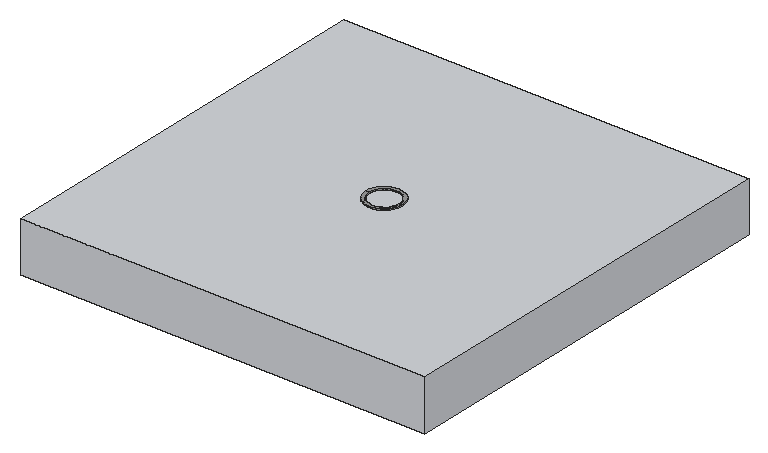
Revit family "LAMP_DOMO 220 G2", category Modelos genéricos, Revit 2015
Parameters (values of type "2054LM 3000")
  Weight = 1.51 kg
  Type = "MID POWER NICHIA"
  Recessed diameter = 153 mm
  Protection rating = "IP20"
  Product datasheet = "http://www.lamp.es/product-files/TECH/DO2RD20SY830NW-EN.pdf"
  Product code = "DO2RD20SY830NW"
  Product URL = "http://www.lamp.es/en/family/domo_33306"
  Power Supply = "120-240V 50-60Hz"
  Power = 21 W
  Plum = 23 W
  Photometric web file = Cuerpo Domo220 : 2054LM 3000
  Modelo = Product code  # "DO2RD20SY830NW"
  Manufacturer name = "LAMP"
  Manufacturer country = "Spain"
  Manufacturer URL = "http://www.lamp.es/en"
  MacAdam = "3"
  Luminaire type = "Indoor - Recessed Downlight"
  Last update = "29/06/2020"
  Lamp = "MID-POWER LED"
  LED Lifetime = "50.000 L90 B10"
  Insulation class = "II"
  Installation instructions = "http://www.lamp.es/product-files/INS/1003660-B-INSTR.%20DOMO%20G2.pdf"
  Initial intensity = 2054 lm
  Initial color = 3000 K
  IEE = "A+"
  Height = 103 mm
  Gear = "Electronic"
  Finish = "Matte white"
  Fabricante = Manufacturer name  # "LAMP"
  Default Elevation = 1219.2 mm
  Efficacy = 89.3 lm/W
  Diameter = 160 mm
  Descripción = "DOMO 220 G2 2000 WW"
  CRI = "80"
Reference planes
  plane 1 "Centro (Frontal/Posterior)": y = 0
  plane 2: z = 0
  plane 3 "Centro (Izquierda/Derecha)": x = 0
Forms (mm)
  Extrusion 1, solid
    sketch origin (0, 0, 0) x (1, 0, 0) y (0, 1, 0)
      loop
        line (-1219.2, 1219.2) -> (-1219.2, -1219.2) -> (1219.2, -1219.2) -> (1219.2, 1219.2) -> (-1219.2, 1219.2)
    from 0 to -304.8
Text (mm)
  text "Any modification of the parameters and properties of the LAMP BIM models must be executed and validated by the LAMP technical department.\n\nPhone: +34 93 736 68 00\n\nE-mail: lamp@lamp.es\n\n\n\nLAMP reserves the right to modify the technical specifications of its products." at (14869.33, 17101.984, -15610.111), in view "Preview"
Dimensions and locks
  aligned and locked: plane 2 to Extrusion 1
  aligned and locked: level to Extrusion 1
Nested families
  nested 1: "Cuerpo Domo220" at (0, 0, 1523) x (1, 0, 0) z (0, 0, -1), type <- "Photometric web file", type "2054LM 3000"
Connectors
  electrical at (0, 0, -107)
    settings: on nested 1, index 1, voltage 230 V, apparent load 0 VA, apparent load phase1 0 VA, apparent load phase2 0 VA, apparent load phase3 0 VA, power factor 1, load classification "Otro", number of poles 1, system type 31, power factor state 1, is connector primary yes, connector utility no, sub classification motor no, connector description ""
Definition of nested family "Cuerpo Domo220"
  Parameters (values of type "2054LM 3000")
    Tilt Angle = 90.00°
    Wattage = 23 W
    built-in parameter 1150110 = 1 (stored number, unit not read)
    Material aro = none
    Material disipador = none
    Material cuerpo = none
    Material COB = none
    built-in parameter 1114217 = 1 (stored number, unit not read)
    built-in parameter 1150109 = 1 (stored number, unit not read)
    Default Elevation = 1219.2 mm
    Dist. luz = 20 mm
    Difusor transparente IP54 = no
    Difusor opal interior IP54 = no
    Difusor opal IP54 = no
    built-in parameter 1150134 = (empty or 0)
    built-in parameter 1150113 = 1 (stored number, unit not read)
    Lumens = 2053.9 lm
    built-in parameter 1150115 = 1 (stored number, unit not read)
    built-in parameter 1150105 = 1561.4 (stored number, unit not read)
    built-in parameter 1150137 = (empty or 0)
    built-in parameter 1150139 = (empty or 0)
    built-in parameter 1150112 = 1 (stored number, unit not read)
    built-in parameter 1150114 = 1 (stored number, unit not read)
    built-in parameter 1150132 = 2
    built-in parameter 1150102 = (empty or 0)
    built-in parameter 1150138 = (empty or 0)
    built-in parameter 1150107 = 3000 (stored number, unit not read)
    built-in parameter 1150106 = 15.614 (stored number, unit not read)
    built-in parameter 1150104 = 8.2962 (stored number, unit not read)
    Dimming Lamp Color Temperature Shift = (empty or 0)
    Color Filter = 16777215
    built-in parameter 1114218 = 1 (stored number, unit not read)
    Photometric Web File = "10041000.IES"
    built-in parameter 1150133 = 10 (stored number, unit not read)
  Types (25, lengths in mm): name | Wattage | Difusor transparente IP54 | Difusor opal interior IP54 | Difusor opal IP54 | built-in parameter 1150134 | Lumens | built-in parameter 1150105 | built-in parameter 1150107 | built-in parameter 1150106 | built-in parameter 1150104 | Photometric Web File
    (no name) | 23 W | no | no | no | (empty or 0) | 2053.9 lm | 1561.4 (stored number, unit not read) | 3000 (stored number, unit not read) | 15.614 (stored number, unit not read) | 8.2962 (stored number, unit not read) | "10041000.IES"
    2054LM 3000 | 23 W | no | no | no | (empty or 0) | 2053.9 lm | 1561.4 (stored number, unit not read) | 3000 (stored number, unit not read) | 15.614 (stored number, unit not read) | 8.2962 (stored number, unit not read) | "10041000.IES"
    2136LM 4000 | 23 W | no | no | no | 12 | 2136.01 lm | 1623.8 (stored number, unit not read) | 4000 (stored number, unit not read) | 16.238 (stored number, unit not read) | 8.6279 (stored number, unit not read) | "10041010.IES"
    2825LM 3000 | 32 W | no | no | no | (empty or 0) | 2825.6 lm | 2148 (stored number, unit not read) | 3000 (stored number, unit not read) | 21.48 (stored number, unit not read) | 8.2033 (stored number, unit not read) | "10041020.IES"
    2938LM 4000 | 32 W | no | no | no | 12 | 2937.6 lm | 2265.1 (stored number, unit not read) | 4000 (stored number, unit not read) | 22.651 (stored number, unit not read) | 8.5285 (stored number, unit not read) | "10041030.IES"
    3665LM 3000 | 40.5 W | no | no | no | (empty or 0) | 3665.25 lm | 2826.2 (stored number, unit not read) | 3000 (stored number, unit not read) | 28.262 (stored number, unit not read) | 8.4077 (stored number, unit not read) | "10041040.IES"
    3812LM 4000 | 40.5 W | no | no | no | 12 | 3811.05 lm | 2926.2 (stored number, unit not read) | 4000 (stored number, unit not read) | 29.262 (stored number, unit not read) | 8.7422 (stored number, unit not read) | "10041050.IES"
    1597LM 3000 OPAL GLASS ACC | 23 W | no | no | yes | (empty or 0) | 1596.2 lm | 958.72 (stored number, unit not read) | 3000 (stored number, unit not read) | 9.5872 (stored number, unit not read) | 6.4475 (stored number, unit not read) | "10041000+8606120.IES"
    1484LM 3000 INT OPAL GLASS ACC | 23 W | no | yes | no | (empty or 0) | 1483.5 lm | 891.03 (stored number, unit not read) | 3000 (stored number, unit not read) | 8.9103 (stored number, unit not read) | 5.9922 (stored number, unit not read) | "10041000+8606130.IES"
    1815LM 3000 GLASS ACC | 23 W | yes | no | no | (empty or 0) | 1814.7 lm | 1156 (stored number, unit not read) | 3000 (stored number, unit not read) | 11.56 (stored number, unit not read) | 7.33 (stored number, unit not read) | "10041000+8606140.IES"
    1661LM 4000 OPAL GLASS ACC | 23 W | no | no | yes | 12 | 1660.6 lm | 1183.3 (stored number, unit not read) | 4000 (stored number, unit not read) | 11.833 (stored number, unit not read) | 6.7076 (stored number, unit not read) | "10041010+8606120.IES"
    1544LM 4000 INT OPAL GLASS ACC | 23 W | no | yes | no | 12 | 1543.3 lm | 927 (stored number, unit not read) | 4000 (stored number, unit not read) | 9.27 (stored number, unit not read) | 6.2338 (stored number, unit not read) | "10041010+8606130.IES"
    1888LM 4000 GLASS ACC | 23 W | yes | no | no | 12 | 1888.3 lm | 1202.9 (stored number, unit not read) | 4000 (stored number, unit not read) | 12.029 (stored number, unit not read) | 7.6273 (stored number, unit not read) | "10041010+8606140.IES"
    2196LM 3000 OPAL GLASS ACC | 33 W | no | no | yes | (empty or 0) | 2194.5 lm | 1563.7 (stored number, unit not read) | 3000 (stored number, unit not read) | 15.637 (stored number, unit not read) | 6.1781 (stored number, unit not read) | "10041020+8606120.IES"
    2042LM 3000 INT OPAL GLASS ACC | 33 W | no | yes | no | (empty or 0) | 2042.37 lm | 1251.5 (stored number, unit not read) | 3000 (stored number, unit not read) | 12.515 (stored number, unit not read) | 5.7498 (stored number, unit not read) | "10041020+8606130.IES"
    2497LM 3000 GLASS ACC | 33 W | yes | no | no | (empty or 0) | 2498.1 lm | 1.9574 (stored number, unit not read) | 3000 (stored number, unit not read) | 0.019574 (stored number, unit not read) | 7.0328 (stored number, unit not read) | "10041020+8606140.IES"
    2284LM 4000 OPAL GLASS ACC | 33 W | no | no | yes | 12 | 2283.6 lm | 1.8291 (stored number, unit not read) | 4000 (stored number, unit not read) | 0.018291 (stored number, unit not read) | 6.4289 (stored number, unit not read) | "10041030+8606120.IES"
    2123LM 4000 INT OPAL GLASS ACC | 33 W | no | yes | no | 12 | 2121.9 lm | 1.6723 (stored number, unit not read) | 4000 (stored number, unit not read) | 0.016723 (stored number, unit not read) | 5.9737 (stored number, unit not read) | "10041030+8606130.IES"
    2597LM 4000 GLASS ACC | 33 W | yes | no | no | 12 | 2597.1 lm | 1.835 (stored number, unit not read) | 4000 (stored number, unit not read) | 0.01835 (stored number, unit not read) | 7.3115 (stored number, unit not read) | "10041030+8606140.IES"
    2849LM 3000 OPAL GLASS ACC | 42 W | no | no | yes | (empty or 0) | 2847.6 lm | 1710.4 (stored number, unit not read) | 3000 (stored number, unit not read) | 17.104 (stored number, unit not read) | 6.2988 (stored number, unit not read) | "10041040+8606120.IES"
    2648LM 3000 INT OPAL GLASS ACC | 42 W | no | yes | no | (empty or 0) | 2650.2 lm | 1688.2 (stored number, unit not read) | 3000 (stored number, unit not read) | 16.882 (stored number, unit not read) | 5.8622 (stored number, unit not read) | "10041040+8606130.IES"
    3239LM 3000 GLASS ACC | 42 W | yes | no | no | (empty or 0) | 3238.2 lm | 2062.8 (stored number, unit not read) | 3000 (stored number, unit not read) | 20.628 (stored number, unit not read) | 7.1628 (stored number, unit not read) | "10041040+8606140.IES"
    2963LM 4000 OPAL GLASS ACC | 42 W | no | no | yes | 12 | 2961 lm | 2109.9 (stored number, unit not read) | 4000 (stored number, unit not read) | 21.099 (stored number, unit not read) | 6.5497 (stored number, unit not read) | "10041050+8606120.IES"
    2754LM 4000 INT OPAL GLASS ACC | 42 W | no | yes | no | 12 | 2755.2 lm | 1654.9 (stored number, unit not read) | 4000 (stored number, unit not read) | 16.549 (stored number, unit not read) | 6.0944 (stored number, unit not read) | "10041050+8606130.IES"
    3369LM 4000 GLASS ACC | 42 W | yes | no | no | 12 | 3368.4 lm | 2145.8 (stored number, unit not read) | 4000 (stored number, unit not read) | 21.458 (stored number, unit not read) | 7.4508 (stored number, unit not read) | "10041050+8606140.IES"
  Reference planes
    plane 1 "Eje de origen de luz (F/P)": y = 0
    plane 2: z = 0
    plane 3 "Eje de origen de luz (I/D)": x = 0
    plane 4 "Elevación de origen de luz": z = 1500
    plane 5: z = 1520
  Forms (mm)
    Revolve 1, solid, material <- "Material aro"
      sketch origin (0, 0, 0) x (1, 0, 0) y (0, 0, 1)
        loop
          line (110, 1520) -> (110, 1523) -> (92.4, 1523) -> (89.4, 1523) -> (89.4, 1520) -> (110, 1520)
        axis (0, 1523) -> (0, 1520)
      angle from 0 to 360
    Revolve 2, solid, material <- "Material aro"
      sketch origin (0, 0, 0) x (1, 0, 0) y (0, 0, 1)
        loop
          line (89.4, 1523) -> (91.4, 1523) -> (65, 1613.8) -> (64, 1613.8) -> (63, 1613.8) -> (89.4, 1523)
        axis (0, 1613.8) -> (0, 1523)
      angle from 0 to 360
    Extrusion 3, solid
      sketch origin (0, 0, 0) x (1, 0, 0) y (0, 1, 0)
        loop
          circle (0, 0) r 63
        loop
          circle (0, 17) r 8.5
        loop
          circle (14.722, -8.5) r 8.5
        loop
          circle (-14.722, -8.5) r 8.5
        loop
          circle (-39, 0) r 8.5
        loop
          circle (-19.5, 33.775) r 8.5
        loop
          circle (39, 0) r 8.5
        loop
          circle (19.5, 33.775) r 8.5
        loop
          circle (-19.5, -33.775) r 8.5
        loop
          circle (19.5, -33.775) r 8.5
      from 1613.8 to 1614.8
    Blend 4, void
      base sketch origin (0, 0, 1500) x (0, -1, 0) y (1, 0, 0)
        loop
          circle (-33.775, -19.5) r 10
      top sketch origin (0, 0, 1500) x (0, -1, 0) y (1, 0, 0)
        loop
          circle (-33.775, -19.5) r 8.5
      from 113.8 to 114.8
    Blend 5, void
      base sketch origin (39, 0, 1500) x (0, -1, 0) y (1, 0, 0)
        loop
          circle (-33.775, -19.5) r 10
      top sketch origin (39, 0, 1500) x (0, -1, 0) y (1, 0, 0)
        loop
          circle (-33.775, -19.5) r 8.5
      from 113.8 to 114.8
    Blend 6, void
      base sketch origin (19.5, -16.775, 1500) x (0, -1, 0) y (1, 0, 0)
        loop
          circle (-33.775, -19.5) r 10
      top sketch origin (19.5, -16.775, 1500) x (0, -1, 0) y (1, 0, 0)
        loop
          circle (-33.775, -19.5) r 8.5
      from 113.8 to 114.8
    Blend 7, void
      base sketch origin (-19.5, -33.775, 1500) x (0, -1, 0) y (1, 0, 0)
        loop
          circle (-33.775, -19.5) r 10
      top sketch origin (-19.5, -33.775, 1500) x (0, -1, 0) y (1, 0, 0)
        loop
          circle (-33.775, -19.5) r 8.5
      from 113.8 to 114.8
    Blend 8, void
      base sketch origin (4.778, -42.275, 1500) x (0, -1, 0) y (1, 0, 0)
        loop
          circle (-33.775, -19.5) r 10
      top sketch origin (4.778, -42.275, 1500) x (0, -1, 0) y (1, 0, 0)
        loop
          circle (-33.775, -19.5) r 8.5
      from 113.8 to 114.8
    Blend 9, void
      base sketch origin (34.222, -42.275, 1500) x (0, -1, 0) y (1, 0, 0)
        loop
          circle (-33.775, -19.5) r 10
      top sketch origin (34.222, -42.275, 1500) x (0, -1, 0) y (1, 0, 0)
        loop
          circle (-33.775, -19.5) r 8.5
      from 113.8 to 114.8
    Blend 10, void
      base sketch origin (58.5, -33.775, 1500) x (0, -1, 0) y (1, 0, 0)
        loop
          circle (-33.775, -19.5) r 10
      top sketch origin (58.5, -33.775, 1500) x (0, -1, 0) y (1, 0, 0)
        loop
          circle (-33.775, -19.5) r 8.5
      from 113.8 to 114.8
    Blend 11, void
      base sketch origin (39, -67.55, 1500) x (0, -1, 0) y (1, 0, 0)
        loop
          circle (-33.775, -19.5) r 10
      top sketch origin (39, -67.55, 1500) x (0, -1, 0) y (1, 0, 0)
        loop
          circle (-33.775, -19.5) r 8.5
      from 113.8 to 114.8
    Blend 12, void
      base sketch origin (0, -67.55, 1500) x (0, -1, 0) y (1, 0, 0)
        loop
          circle (-33.775, -19.5) r 10
      top sketch origin (0, -67.55, 1500) x (0, -1, 0) y (1, 0, 0)
        loop
          circle (-33.775, -19.5) r 8.5
      from 113.8 to 114.8
    Extrusion 13, solid
      sketch origin (0, 0, 1500) x (0, -1, 0) y (1, 0, 0)
        loop
          circle (0, 0) r 63
      from 114.8 to 115.8
    Extrusion 14, solid, material <- "Material COB"
      sketch origin (0, 0, 1500) x (0, -1, 0) y (1, 0, 0)
        loop
          line (-35.275, -21) -> (-32.275, -21) -> (-32.275, -18) -> (-35.275, -18) -> (-35.275, -21)
        loop
          line (-40.425, -21) -> (-37.425, -21) -> (-37.425, -18) -> (-40.425, -18) -> (-40.425, -21)
        loop
          line (-27.125, -21) -> (-27.125, -18) -> (-30.125, -18) -> (-30.125, -21) -> (-27.125, -21)
        loop
          line (-35.275, -15.85) -> (-32.275, -15.85) -> (-32.275, -12.85) -> (-35.275, -12.85) -> (-35.275, -15.85)
        loop
          line (-35.275, -23.15) -> (-35.275, -26.15) -> (-32.275, -26.15) -> (-32.275, -23.15) -> (-35.275, -23.15)
        loop
          line (-35.275, 21) -> (-35.275, 18) -> (-32.275, 18) -> (-32.275, 21) -> (-35.275, 21)
        loop
          line (-40.425, 21) -> (-40.425, 18) -> (-37.425, 18) -> (-37.425, 21) -> (-40.425, 21)
        loop
          line (-27.125, 21) -> (-30.125, 21) -> (-30.125, 18) -> (-27.125, 18) -> (-27.125, 21)
        loop
          line (-35.275, 15.85) -> (-35.275, 12.85) -> (-32.275, 12.85) -> (-32.275, 15.85) -> (-35.275, 15.85)
        loop
          line (-35.275, 23.15) -> (-32.275, 23.15) -> (-32.275, 26.15) -> (-35.275, 26.15) -> (-35.275, 23.15)
        loop
          line (35.275, -21) -> (35.275, -18) -> (32.275, -18) -> (32.275, -21) -> (35.275, -21)
        loop
          line (40.425, -21) -> (40.425, -18) -> (37.425, -18) -> (37.425, -21) -> (40.425, -21)
        loop
          line (27.125, -21) -> (30.125, -21) -> (30.125, -18) -> (27.125, -18) -> (27.125, -21)
        loop
          line (35.275, -15.85) -> (35.275, -12.85) -> (32.275, -12.85) -> (32.275, -15.85) -> (35.275, -15.85)
        loop
          line (35.275, -23.15) -> (32.275, -23.15) -> (32.275, -26.15) -> (35.275, -26.15) -> (35.275, -23.15)
        loop
          line (35.275, 21) -> (32.275, 21) -> (32.275, 18) -> (35.275, 18) -> (35.275, 21)
        loop
          line (40.425, 21) -> (37.425, 21) -> (37.425, 18) -> (40.425, 18) -> (40.425, 21)
        loop
          line (27.125, 21) -> (27.125, 18) -> (30.125, 18) -> (30.125, 21) -> (27.125, 21)
        loop
          line (35.275, 15.85) -> (32.275, 15.85) -> (32.275, 12.85) -> (35.275, 12.85) -> (35.275, 15.85)
        loop
          line (35.275, 23.15) -> (35.275, 26.15) -> (32.275, 26.15) -> (32.275, 23.15) -> (35.275, 23.15)
        loop
          line (-1.5, -40.5) -> (1.5, -40.5) -> (1.5, -37.5) -> (-1.5, -37.5) -> (-1.5, -40.5)
        loop
          line (-6.65, -40.5) -> (-3.65, -40.5) -> (-3.65, -37.5) -> (-6.65, -37.5) -> (-6.65, -40.5)
        loop
          line (6.65, -40.5) -> (6.65, -37.5) -> (3.65, -37.5) -> (3.65, -40.5) -> (6.65, -40.5)
        loop
          line (-1.5, -35.35) -> (1.5, -35.35) -> (1.5, -32.35) -> (-1.5, -32.35) -> (-1.5, -35.35)
        loop
          line (-1.5, -42.65) -> (-1.5, -45.65) -> (1.5, -45.65) -> (1.5, -42.65) -> (-1.5, -42.65)
        loop
          line (-18.5, -1.5) -> (-15.5, -1.5) -> (-15.5, 1.5) -> (-18.5, 1.5) -> (-18.5, -1.5)
        loop
          line (-23.65, -1.5) -> (-20.65, -1.5) -> (-20.65, 1.5) -> (-23.65, 1.5) -> (-23.65, -1.5)
        loop
          line (-10.35, -1.5) -> (-10.35, 1.5) -> (-13.35, 1.5) -> (-13.35, -1.5) -> (-10.35, -1.5)
        loop
          line (-18.5, 3.65) -> (-15.5, 3.65) -> (-15.5, 6.65) -> (-18.5, 6.65) -> (-18.5, 3.65)
        loop
          line (-18.5, -3.65) -> (-18.5, -6.65) -> (-15.5, -6.65) -> (-15.5, -3.65) -> (-18.5, -3.65)
        loop
          line (7, -16.222) -> (10, -16.222) -> (10, -13.222) -> (7, -13.222) -> (7, -16.222)
        loop
          line (1.85, -16.222) -> (4.85, -16.222) -> (4.85, -13.222) -> (1.85, -13.222) -> (1.85, -16.222)
        loop
          line (15.15, -16.222) -> (15.15, -13.222) -> (12.15, -13.222) -> (12.15, -16.222) -> (15.15, -16.222)
        loop
          line (7, -11.072) -> (10, -11.072) -> (10, -8.072) -> (7, -8.072) -> (7, -11.072)
        loop
          line (7, -18.372) -> (7, -21.372) -> (10, -21.372) -> (10, -18.372) -> (7, -18.372)
        loop
          line (7, 13.222) -> (10, 13.222) -> (10, 16.222) -> (7, 16.222) -> (7, 13.222)
        loop
          line (1.85, 13.222) -> (4.85, 13.222) -> (4.85, 16.222) -> (1.85, 16.222) -> (1.85, 13.222)
        loop
          line (15.15, 13.222) -> (15.15, 16.222) -> (12.15, 16.222) -> (12.15, 13.222) -> (15.15, 13.222)
        loop
          line (7, 18.372) -> (10, 18.372) -> (10, 21.372) -> (7, 21.372) -> (7, 18.372)
        loop
          line (7, 11.072) -> (7, 8.072) -> (10, 8.072) -> (10, 11.072) -> (7, 11.072)
        loop
          line (-1.5, 37.5) -> (1.5, 37.5) -> (1.5, 40.5) -> (-1.5, 40.5) -> (-1.5, 37.5)
        loop
          line (-6.65, 37.5) -> (-3.65, 37.5) -> (-3.65, 40.5) -> (-6.65, 40.5) -> (-6.65, 37.5)
        loop
          line (6.65, 37.5) -> (6.65, 40.5) -> (3.65, 40.5) -> (3.65, 37.5) -> (6.65, 37.5)
        loop
          line (-1.5, 42.65) -> (1.5, 42.65) -> (1.5, 45.65) -> (-1.5, 45.65) -> (-1.5, 42.65)
        loop
          line (-1.5, 35.35) -> (-1.5, 32.35) -> (1.5, 32.35) -> (1.5, 35.35) -> (-1.5, 35.35)
      from 113.8 to 114.8
    Extrusion 15, solid, material <- "Material disipador"
      sketch origin (0, 0, 1500) x (0, -1, 0) y (1, 0, 0)
        loop
          circle (0, 0) r 69.1
      from 115.8 to 130
    Extrusion 16, solid, material <- "Material disipador"
      sketch origin (-668.047, -5000, 1520) x (-1, 0, 0) y (0, -1, 0)
        loop
          arc (-649.944, -5009.618) -> (-653.552, -5014.496) -> (-658.429, -5018.104) r 20.5
          line (-658.429, -5018.104) -> (-656.224, -5020.309)
          arc (-656.224, -5020.309) -> (-651.43, -5016.617) -> (-647.739, -5011.824) r 23.5
          line (-647.739, -5011.824) -> (-649.944, -5009.618)
        loop
          line (-662.047, -5022.721) -> (-662.047, -5019.602)
          arc (-662.047, -5019.602) -> (-668.047, -5020.5) -> (-674.047, -5019.602) r 20.5
          line (-674.047, -5019.602) -> (-674.047, -5022.721)
          arc (-674.047, -5022.721) -> (-668.047, -5023.5) -> (-662.047, -5022.721) r 23.5
        loop
          line (-686.151, -5009.618) -> (-688.356, -5011.824)
          arc (-688.356, -5011.824) -> (-684.664, -5016.617) -> (-679.871, -5020.309) r 23.5
          line (-679.871, -5020.309) -> (-677.666, -5018.104)
          arc (-677.666, -5018.104) -> (-682.543, -5014.496) -> (-686.151, -5009.618) r 20.5
        loop
          arc (-631.36, -5018.303) -> (-639.056, -5028.991) -> (-649.744, -5036.688) r 41
          line (-649.744, -5036.688) -> (-645.302, -5041.13)
          arc (-645.302, -5041.13) -> (-634.813, -5033.234) -> (-626.918, -5022.745) r 47
          line (-626.918, -5022.745) -> (-631.36, -5018.303)
        loop
          line (-655.047, -5045.166) -> (-655.047, -5038.884)
          arc (-655.047, -5038.884) -> (-668.047, -5041) -> (-681.047, -5038.884) r 41
          line (-681.047, -5038.884) -> (-681.047, -5045.166)
          arc (-681.047, -5045.166) -> (-668.047, -5047) -> (-655.047, -5045.166) r 47
        loop
          line (-704.735, -5018.303) -> (-709.177, -5022.745)
          arc (-709.177, -5022.745) -> (-701.281, -5033.234) -> (-690.792, -5041.13) r 47
          line (-690.792, -5041.13) -> (-686.351, -5036.688)
          arc (-686.351, -5036.688) -> (-697.039, -5028.991) -> (-704.735, -5018.303) r 41
        loop
          arc (-639.965, -5012.527) -> (-646.304, -5021.744) -> (-655.521, -5028.083) r 30.75
          line (-655.521, -5028.083) -> (-652.145, -5031.459)
          arc (-652.145, -5031.459) -> (-643.122, -5024.926) -> (-636.588, -5015.903) r 35.25
          line (-636.588, -5015.903) -> (-639.965, -5012.527)
        loop
          line (-657.047, -5033.49) -> (-657.047, -5028.715)
          arc (-657.047, -5028.715) -> (-668.047, -5030.75) -> (-679.047, -5028.715) r 30.75
          line (-679.047, -5028.715) -> (-679.047, -5033.49)
          arc (-679.047, -5033.49) -> (-668.047, -5035.25) -> (-657.047, -5033.49) r 35.25
        loop
          line (-696.13, -5012.527) -> (-699.506, -5015.903)
          arc (-699.506, -5015.903) -> (-692.973, -5024.926) -> (-683.95, -5031.459) r 35.25
          line (-683.95, -5031.459) -> (-680.574, -5028.083)
          arc (-680.574, -5028.083) -> (-689.791, -5021.744) -> (-696.13, -5012.527) r 30.75
        loop
          arc (-622.789, -5024.046) -> (-631.808, -5036.239) -> (-644.002, -5045.259) r 51.25
          line (-644.002, -5045.259) -> (-638.488, -5050.772)
          arc (-638.488, -5050.772) -> (-626.505, -5041.543) -> (-617.275, -5029.559) r 58.75
          line (-617.275, -5029.559) -> (-622.789, -5024.046)
        loop
          line (-653.047, -5056.803) -> (-653.047, -5049.006)
          arc (-653.047, -5049.006) -> (-668.047, -5051.25) -> (-683.047, -5049.006) r 51.25
          line (-683.047, -5049.006) -> (-683.047, -5056.803)
          arc (-683.047, -5056.803) -> (-668.047, -5058.75) -> (-653.047, -5056.803) r 58.75
        loop
          line (-713.306, -5024.046) -> (-718.82, -5029.559)
          arc (-718.82, -5029.559) -> (-709.59, -5041.543) -> (-697.607, -5050.772) r 58.75
          line (-697.607, -5050.772) -> (-692.093, -5045.259)
          arc (-692.093, -5045.259) -> (-704.287, -5036.239) -> (-713.306, -5024.046) r 51.25
        loop
          arc (-645.326, -5006) -> (-644.547, -5000) -> (-645.326, -4994) r 23.5
          line (-645.326, -4994) -> (-648.445, -4994)
          arc (-648.445, -4994) -> (-647.547, -5000) -> (-648.445, -5006) r 20.5
          line (-648.445, -5006) -> (-645.326, -5006)
        loop
          arc (-622.881, -5013) -> (-621.047, -5000) -> (-622.881, -4987) r 47
          line (-622.881, -4987) -> (-629.163, -4987)
          arc (-629.163, -4987) -> (-627.047, -5000) -> (-629.163, -5013) r 41
          line (-629.163, -5013) -> (-622.881, -5013)
        loop
          arc (-634.558, -5011) -> (-632.797, -5000) -> (-634.558, -4989) r 35.25
          line (-634.558, -4989) -> (-639.332, -4989)
          arc (-639.332, -4989) -> (-637.297, -5000) -> (-639.332, -5011) r 30.75
          line (-639.332, -5011) -> (-634.558, -5011)
        loop
          arc (-611.245, -5015) -> (-609.297, -5000) -> (-611.245, -4985) r 58.75
          line (-611.245, -4985) -> (-619.042, -4985)
          arc (-619.042, -4985) -> (-616.797, -5000) -> (-619.042, -5015) r 51.25
          line (-619.042, -5015) -> (-611.245, -5015)
        loop
          line (-649.944, -4990.382) -> (-647.739, -4988.176)
          arc (-647.739, -4988.176) -> (-651.43, -4983.383) -> (-656.224, -4979.691) r 23.5
          line (-656.224, -4979.691) -> (-658.429, -4981.896)
          arc (-658.429, -4981.896) -> (-653.552, -4985.504) -> (-649.944, -4990.382) r 20.5
        loop
          arc (-662.047, -4977.279) -> (-668.047, -4976.5) -> (-674.047, -4977.279) r 23.5
          line (-674.047, -4977.279) -> (-674.047, -4980.398)
          arc (-674.047, -4980.398) -> (-668.047, -4979.5) -> (-662.047, -4980.398) r 20.5
          line (-662.047, -4980.398) -> (-662.047, -4977.279)
        loop
          arc (-686.151, -4990.382) -> (-682.543, -4985.504) -> (-677.666, -4981.896) r 20.5
          line (-677.666, -4981.896) -> (-679.871, -4979.691)
          arc (-679.871, -4979.691) -> (-684.664, -4983.383) -> (-688.356, -4988.176) r 23.5
          line (-688.356, -4988.176) -> (-686.151, -4990.382)
        loop
          line (-631.36, -4981.697) -> (-626.918, -4977.255)
          arc (-626.918, -4977.255) -> (-634.813, -4966.766) -> (-645.302, -4958.87) r 47
          line (-645.302, -4958.87) -> (-649.744, -4963.312)
          arc (-649.744, -4963.312) -> (-639.056, -4971.009) -> (-631.36, -4981.697) r 41
        loop
          arc (-655.047, -4954.834) -> (-668.047, -4953) -> (-681.047, -4954.834) r 47
          line (-681.047, -4954.834) -> (-681.047, -4961.116)
          arc (-681.047, -4961.116) -> (-668.047, -4959) -> (-655.047, -4961.116) r 41
          line (-655.047, -4961.116) -> (-655.047, -4954.834)
        loop
          arc (-704.735, -4981.697) -> (-697.039, -4971.009) -> (-686.351, -4963.312) r 41
          line (-686.351, -4963.312) -> (-690.792, -4958.87)
          arc (-690.792, -4958.87) -> (-701.281, -4966.766) -> (-709.177, -4977.255) r 47
          line (-709.177, -4977.255) -> (-704.735, -4981.697)
        loop
          line (-639.965, -4987.473) -> (-636.588, -4984.097)
          arc (-636.588, -4984.097) -> (-643.122, -4975.074) -> (-652.145, -4968.541) r 35.25
          line (-652.145, -4968.541) -> (-655.521, -4971.917)
          arc (-655.521, -4971.917) -> (-646.304, -4978.256) -> (-639.965, -4987.473) r 30.75
        loop
          arc (-657.047, -4966.51) -> (-668.047, -4964.75) -> (-679.047, -4966.51) r 35.25
          line (-679.047, -4966.51) -> (-679.047, -4971.285)
          arc (-679.047, -4971.285) -> (-668.047, -4969.25) -> (-657.047, -4971.285) r 30.75
          line (-657.047, -4971.285) -> (-657.047, -4966.51)
        loop
          arc (-696.13, -4987.473) -> (-689.791, -4978.256) -> (-680.574, -4971.917) r 30.75
          line (-680.574, -4971.917) -> (-683.95, -4968.541)
          arc (-683.95, -4968.541) -> (-692.973, -4975.074) -> (-699.506, -4984.097) r 35.25
          line (-699.506, -4984.097) -> (-696.13, -4987.473)
        loop
          line (-622.789, -4975.954) -> (-617.275, -4970.441)
          arc (-617.275, -4970.441) -> (-626.505, -4958.457) -> (-638.488, -4949.228) r 58.75
          line (-638.488, -4949.228) -> (-644.002, -4954.741)
          arc (-644.002, -4954.741) -> (-631.808, -4963.761) -> (-622.789, -4975.954) r 51.25
        loop
          arc (-653.047, -4943.197) -> (-668.047, -4941.25) -> (-683.047, -4943.197) r 58.75
          line (-683.047, -4943.197) -> (-683.047, -4950.994)
          arc (-683.047, -4950.994) -> (-668.047, -4948.75) -> (-653.047, -4950.994) r 51.25
          line (-653.047, -4950.994) -> (-653.047, -4943.197)
        loop
          arc (-713.306, -4975.954) -> (-704.287, -4963.761) -> (-692.093, -4954.741) r 51.25
          line (-692.093, -4954.741) -> (-697.607, -4949.228)
          arc (-697.607, -4949.228) -> (-709.59, -4958.457) -> (-718.82, -4970.441) r 58.75
          line (-718.82, -4970.441) -> (-713.306, -4975.954)
        loop
          line (-690.769, -5006) -> (-687.65, -5006)
          arc (-687.65, -5006) -> (-688.547, -5000) -> (-687.65, -4994) r 20.5
          line (-687.65, -4994) -> (-690.769, -4994)
          arc (-690.769, -4994) -> (-691.547, -5000) -> (-690.769, -5006) r 23.5
        loop
          line (-713.214, -5013) -> (-706.932, -5013)
          arc (-706.932, -5013) -> (-709.047, -5000) -> (-706.932, -4987) r 41
          line (-706.932, -4987) -> (-713.214, -4987)
          arc (-713.214, -4987) -> (-715.047, -5000) -> (-713.214, -5013) r 47
        loop
          line (-701.537, -5011) -> (-696.763, -5011)
          arc (-696.763, -5011) -> (-698.797, -5000) -> (-696.763, -4989) r 30.75
          line (-696.763, -4989) -> (-701.537, -4989)
          arc (-701.537, -4989) -> (-703.297, -5000) -> (-701.537, -5011) r 35.25
        loop
          line (-724.85, -5015) -> (-717.053, -5015)
          arc (-717.053, -5015) -> (-719.297, -5000) -> (-717.053, -4985) r 51.25
          line (-717.053, -4985) -> (-724.85, -4985)
          arc (-724.85, -4985) -> (-726.797, -5000) -> (-724.85, -5015) r 58.75
      from 110 to 150
    Extrusion 17, solid, material <- "Material disipador"
      sketch origin (0, 0, 1500) x (0, -1, 0) y (1, 0, 0)
        loop
          line (-11.746, 2) -> (-30.685, 2)
          arc (-30.685, 2) -> (-30.75, 0) -> (-30.685, -2) r 30.75
          line (-30.685, -2) -> (-11.746, -2)
          arc (-11.746, -2) -> (-12, 0) -> (-11.746, 2) r 8
        loop
          line (-35.193, 2) -> (-40.951, 2)
          arc (-40.951, 2) -> (-41, 0) -> (-40.951, -2) r 41
          line (-40.951, -2) -> (-35.193, -2)
          arc (-35.193, -2) -> (-35.25, 0) -> (-35.193, 2) r 35.25
        loop
          line (-46.957, 2) -> (-51.211, 2)
          arc (-51.211, 2) -> (-51.25, 0) -> (-51.211, -2) r 51.25
          line (-51.211, -2) -> (-46.957, -2)
          arc (-46.957, -2) -> (-47, 0) -> (-46.957, 2) r 47
        loop
          line (-58.716, 2) -> (-62.968, 2)
          arc (-62.968, 2) -> (-63, 0) -> (-62.968, -2) r 63
          line (-62.968, -2) -> (-58.716, -2)
          arc (-58.716, -2) -> (-58.75, 0) -> (-58.716, 2) r 58.75
        loop
          arc (11.746, 2) -> (12, 0) -> (11.746, -2) r 8
          line (11.746, -2) -> (30.685, -2)
          arc (30.685, -2) -> (30.75, 0) -> (30.685, 2) r 30.75
          line (30.685, 2) -> (11.746, 2)
        loop
          arc (35.193, 2) -> (35.25, 0) -> (35.193, -2) r 35.25
          line (35.193, -2) -> (40.951, -2)
          arc (40.951, -2) -> (41, 0) -> (40.951, 2) r 41
          line (40.951, 2) -> (35.193, 2)
        loop
          arc (46.957, 2) -> (47, 0) -> (46.957, -2) r 47
          line (46.957, -2) -> (51.211, -2)
          arc (51.211, -2) -> (51.25, 0) -> (51.211, 2) r 51.25
          line (51.211, 2) -> (46.957, 2)
        loop
          arc (58.716, 2) -> (58.75, 0) -> (58.716, -2) r 58.75
          line (58.716, -2) -> (62.968, -2)
          arc (62.968, -2) -> (63, 0) -> (62.968, 2) r 63
          line (62.968, 2) -> (58.716, 2)
        loop
          line (-6.891, 9.72) -> (-20.283, 23.112)
          arc (-20.283, 23.112) -> (-21.744, 21.744) -> (-23.112, 20.283) r 30.75
          line (-23.112, 20.283) -> (-9.72, 6.891)
          arc (-9.72, 6.891) -> (-8.485, 8.485) -> (-6.891, 9.72) r 8
        loop
          line (-23.471, 26.3) -> (-27.543, 30.371)
          arc (-27.543, 30.371) -> (-28.991, 28.991) -> (-30.371, 27.543) r 41
          line (-30.371, 27.543) -> (-26.3, 23.471)
          arc (-26.3, 23.471) -> (-24.926, 24.926) -> (-23.471, 26.3) r 35.25
        loop
          line (-31.79, 34.618) -> (-34.797, 37.626)
          arc (-34.797, 37.626) -> (-36.239, 36.239) -> (-37.626, 34.797) r 51.25
          line (-37.626, 34.797) -> (-34.618, 31.79)
          arc (-34.618, 31.79) -> (-33.234, 33.234) -> (-31.79, 34.618) r 47
        loop
          line (-40.104, 42.933) -> (-43.111, 45.939)
          arc (-43.111, 45.939) -> (-44.548, 44.548) -> (-45.939, 43.111) r 63
          line (-45.939, 43.111) -> (-42.933, 40.104)
          arc (-42.933, 40.104) -> (-41.543, 41.543) -> (-40.104, 42.933) r 58.75
        loop
          arc (9.72, -6.891) -> (8.485, -8.485) -> (6.891, -9.72) r 8
          line (6.891, -9.72) -> (20.283, -23.112)
          arc (20.283, -23.112) -> (21.744, -21.744) -> (23.112, -20.283) r 30.75
          line (23.112, -20.283) -> (9.72, -6.891)
        loop
          arc (26.3, -23.471) -> (24.926, -24.926) -> (23.471, -26.3) r 35.25
          line (23.471, -26.3) -> (27.543, -30.371)
          arc (27.543, -30.371) -> (28.991, -28.991) -> (30.371, -27.543) r 41
          line (30.371, -27.543) -> (26.3, -23.471)
        loop
          arc (34.618, -31.79) -> (33.234, -33.234) -> (31.79, -34.618) r 47
          line (31.79, -34.618) -> (34.797, -37.626)
          arc (34.797, -37.626) -> (36.239, -36.239) -> (37.626, -34.797) r 51.25
          line (37.626, -34.797) -> (34.618, -31.79)
        loop
          arc (42.933, -40.104) -> (41.543, -41.543) -> (40.104, -42.933) r 58.75
          line (40.104, -42.933) -> (43.111, -45.939)
          arc (43.111, -45.939) -> (44.548, -44.548) -> (45.939, -43.111) r 63
          line (45.939, -43.111) -> (42.933, -40.104)
        loop
          arc (-6.891, -9.72) -> (-8.485, -8.485) -> (-9.72, -6.891) r 8
          line (-9.72, -6.891) -> (-23.112, -20.283)
          arc (-23.112, -20.283) -> (-21.744, -21.744) -> (-20.283, -23.112) r 30.75
          line (-20.283, -23.112) -> (-6.891, -9.72)
        loop
          arc (-23.471, -26.3) -> (-24.926, -24.926) -> (-26.3, -23.471) r 35.25
          line (-26.3, -23.471) -> (-30.371, -27.543)
          arc (-30.371, -27.543) -> (-28.991, -28.991) -> (-27.543, -30.371) r 41
          line (-27.543, -30.371) -> (-23.471, -26.3)
        loop
          arc (-31.79, -34.618) -> (-33.234, -33.234) -> (-34.618, -31.79) r 47
          line (-34.618, -31.79) -> (-37.626, -34.797)
          arc (-37.626, -34.797) -> (-36.239, -36.239) -> (-34.797, -37.626) r 51.25
          line (-34.797, -37.626) -> (-31.79, -34.618)
        loop
          arc (-40.104, -42.933) -> (-41.543, -41.543) -> (-42.933, -40.104) r 58.75
          line (-42.933, -40.104) -> (-45.939, -43.111)
          arc (-45.939, -43.111) -> (-44.548, -44.548) -> (-43.111, -45.939) r 63
          line (-43.111, -45.939) -> (-40.104, -42.933)
        loop
          line (9.72, 6.891) -> (23.112, 20.283)
          arc (23.112, 20.283) -> (21.744, 21.744) -> (20.283, 23.112) r 30.75
          line (20.283, 23.112) -> (6.891, 9.72)
          arc (6.891, 9.72) -> (8.485, 8.485) -> (9.72, 6.891) r 8
        loop
          line (26.3, 23.471) -> (30.371, 27.543)
          arc (30.371, 27.543) -> (28.991, 28.991) -> (27.543, 30.371) r 41
          line (27.543, 30.371) -> (23.471, 26.3)
          arc (23.471, 26.3) -> (24.926, 24.926) -> (26.3, 23.471) r 35.25
        loop
          line (34.618, 31.79) -> (37.626, 34.797)
          arc (37.626, 34.797) -> (36.239, 36.239) -> (34.797, 37.626) r 51.25
          line (34.797, 37.626) -> (31.79, 34.618)
          arc (31.79, 34.618) -> (33.234, 33.234) -> (34.618, 31.79) r 47
        loop
          line (42.933, 40.104) -> (45.939, 43.111)
          arc (45.939, 43.111) -> (44.548, 44.548) -> (43.111, 45.939) r 63
          line (43.111, 45.939) -> (40.104, 42.933)
          arc (40.104, 42.933) -> (41.543, 41.543) -> (42.933, 40.104) r 58.75
        loop
          line (2, 11.746) -> (2, 30.685)
          arc (2, 30.685) -> (0, 30.75) -> (-2, 30.685) r 30.75
          line (-2, 30.685) -> (-2, 11.746)
          arc (-2, 11.746) -> (0, 12) -> (2, 11.746) r 8
        loop
          line (2, 35.193) -> (2, 40.951)
          arc (2, 40.951) -> (0, 41) -> (-2, 40.951) r 41
          line (-2, 40.951) -> (-2, 35.193)
          arc (-2, 35.193) -> (0, 35.25) -> (2, 35.193) r 35.25
        loop
          line (2, 46.957) -> (2, 51.211)
          arc (2, 51.211) -> (0, 51.25) -> (-2, 51.211) r 51.25
          line (-2, 51.211) -> (-2, 46.957)
          arc (-2, 46.957) -> (0, 47) -> (2, 46.957) r 47
        loop
          line (2, 58.716) -> (2, 62.968)
          arc (2, 62.968) -> (0, 63) -> (-2, 62.968) r 63
          line (-2, 62.968) -> (-2, 58.716)
          arc (-2, 58.716) -> (0, 58.75) -> (2, 58.716) r 58.75
        loop
          arc (2, -11.746) -> (0, -12) -> (-2, -11.746) r 8
          line (-2, -11.746) -> (-2, -30.685)
          arc (-2, -30.685) -> (0, -30.75) -> (2, -30.685) r 30.75
          line (2, -30.685) -> (2, -11.746)
        loop
          arc (2, -35.193) -> (0, -35.25) -> (-2, -35.193) r 35.25
          line (-2, -35.193) -> (-2, -40.951)
          arc (-2, -40.951) -> (0, -41) -> (2, -40.951) r 41
          line (2, -40.951) -> (2, -35.193)
        loop
          arc (2, -46.957) -> (0, -47) -> (-2, -46.957) r 47
          line (-2, -46.957) -> (-2, -51.211)
          arc (-2, -51.211) -> (0, -51.25) -> (2, -51.211) r 51.25
          line (2, -51.211) -> (2, -46.957)
        loop
          arc (2, -58.716) -> (0, -58.75) -> (-2, -58.716) r 58.75
          line (-2, -58.716) -> (-2, -62.968)
          arc (-2, -62.968) -> (0, -63) -> (2, -62.968) r 63
          line (2, -62.968) -> (2, -58.716)
      from 130 to 140
    Revolve 18, solid, material <- "Material cuerpo"
      sketch origin (0, 0, 0) x (1, 0, 0) y (0, 0, 1)
        loop
          line (64.419, 1615.8) -> (91.4, 1523) -> (92.4, 1523) -> (65.419, 1615.8) -> (64.419, 1615.8)
        axis (0, 1615.8) -> (0, 1523)
      angle from 0 to 360
    Extrusion 19, solid, material <- "Material disipador"
      sketch origin (0, 0, 1500) x (0, -1, 0) y (1, 0, 0)
        loop
          line (3.85, -9.732) -> (3.85, -6.881) -> (-2.851, -4.575) -> (3.799, -2.287) -> (3.799, -0.081) -> (-2.891, -0.081) -> (-0.886, 1.924) -> (-2.891, 3.93) -> (3.85, 3.93) -> (3.85, 7.129) -> (-2.943, 7.129) -> (-2.943, 9.545) -> (-0.929, 9.545) -> (-0.929, 7.626)
          arc (-0.929, 7.626) -> (-0.527, 7.224) -> (-0.124, 7.626) r 0.403
          line (-0.124, 7.626) -> (-0.124, 10.351) -> (-3.748, 10.351) -> (-3.748, 6.324) -> (3.055, 6.324) -> (3.055, 4.749) -> (-3.007, 4.749)
          arc (-3.007, 4.749) -> (-3.819, 4.165) -> (-3.523, 3.209) r 0.856
          line (-3.523, 3.209) -> (-2.238, 1.924) -> (-3.523, 0.639)
          arc (-3.523, 0.639) -> (-3.819, -0.316) -> (-3.007, -0.9) r 0.856
          line (-3.007, -0.9) -> (2.592, -0.9)
          arc (2.592, -0.9) -> (3.047, -1.286) -> (2.742, -1.799) r 0.462
          line (2.742, -1.799) -> (-3.233, -3.854)
          arc (-3.233, -3.854) -> (-3.748, -4.575) -> (-3.233, -5.297) r 0.763
          line (-3.233, -5.297) -> (3.055, -7.459) -> (3.055, -8.927) -> (-3.388, -8.927)
          arc (-3.388, -8.927) -> (-3.791, -9.33) -> (-3.388, -9.732) r 0.403
          line (-3.388, -9.732) -> (3.85, -9.732)
      from 130 to 131
  Cuts and joins
    Blend 4, Blend 5, Blend 6, Blend 7, Blend 8, Blend 9, Blend 10, Blend 11, Blend 12 cuts Extrusion 3
  Dimensions and locks
    "Dist. luz": plane 5 to plane 4 "Elevación de origen de luz"
    aligned and locked: plane 3 "Eje de origen de luz (I/D)" to imposter light
    aligned and locked: plane 1 "Eje de origen de luz (F/P)" to imposter light
    aligned and locked: plane 4 "Elevación de origen de luz" to imposter light
    aligned and locked: level to plane 2
  Automatic sketch dimensions
    Revolve 2 sketch curve to plane 3 "Eje de origen de luz (I/D)" = 0 mm
    plane 3 "Eje de origen de luz (I/D)" to Revolve 2 sketch curve = 63 mm
    Revolve 2 sketch curve to Revolve 2 sketch curve = 1 mm  (x2)
    plane 5 to Revolve 2 sketch curve = 3 mm
    plane 3 "Eje de origen de luz (I/D)" to Revolve 2 sketch curve = 89.4 mm
    Revolve 2 sketch curve to Revolve 2 sketch curve = 2 mm
    plane 5 to Revolve 2 sketch curve = 93.8 mm
    Revolve 2 sketch curve to level = 271.696 mm
    Revolve 2 sketch curve to Revolve 2 sketch curve = 88.826 mm
    plane 1 "Eje de origen de luz (F/P)" to Extrusion 3 sketch curve = 0 mm  (x3)
    Extrusion 3 sketch curve to plane 3 "Eje de origen de luz (I/D)" = 0 mm  (x2)
    Extrusion 3 sketch curve to plane 3 "Eje de origen de luz (I/D)" = 14.722 mm
    Extrusion 3 sketch curve to plane 3 "Eje de origen de luz (I/D)" = 19.5 mm  (x2)
    Extrusion 3 sketch curve to Extrusion 3 sketch curve = 24.278 mm  (x2)
    plane 3 "Eje de origen de luz (I/D)" to Extrusion 3 sketch curve = 14.722 mm
    plane 3 "Eje de origen de luz (I/D)" to Extrusion 3 sketch curve = 19.5 mm  (x2)
    plane 1 "Eje de origen de luz (F/P)" to Extrusion 3 sketch curve = 8.5 mm  (x2)
    Extrusion 3 sketch curve to Extrusion 3 sketch curve = 25.275 mm  (x2)
    Extrusion 3 sketch curve to plane 1 "Eje de origen de luz (F/P)" = 17 mm
    Extrusion 3 sketch curve to Extrusion 3 sketch curve = 16.775 mm  (x2)
    Blend 4 sketch curve to plane 1 "Eje de origen de luz (F/P)" = 33.775 mm  (x2)
    Blend 4 sketch curve to plane 3 "Eje de origen de luz (I/D)" = 19.5 mm  (x2)
    Blend 5 sketch curve to plane 1 "Eje de origen de luz (F/P)" = 33.775 mm  (x2)
    plane 3 "Eje de origen de luz (I/D)" to Blend 5 sketch curve = 19.5 mm  (x2)
    Blend 6 sketch curve to plane 3 "Eje de origen de luz (I/D)" = 0 mm  (x2)
    Blend 6 sketch curve to plane 1 "Eje de origen de luz (F/P)" = 17 mm  (x2)
    plane 1 "Eje de origen de luz (F/P)" to Blend 7 sketch curve = 0 mm  (x2)
    Blend 7 sketch curve to plane 3 "Eje de origen de luz (I/D)" = 39 mm  (x2)
    plane 1 "Eje de origen de luz (F/P)" to Blend 8 sketch curve = 8.5 mm  (x2)
    Blend 8 sketch curve to plane 3 "Eje de origen de luz (I/D)" = 14.722 mm  (x2)
    plane 1 "Eje de origen de luz (F/P)" to Blend 9 sketch curve = 8.5 mm  (x2)
    plane 3 "Eje de origen de luz (I/D)" to Blend 9 sketch curve = 14.722 mm  (x2)
    plane 1 "Eje de origen de luz (F/P)" to Blend 10 sketch curve = 0 mm  (x2)
    plane 3 "Eje de origen de luz (I/D)" to Blend 10 sketch curve = 39 mm  (x2)
    plane 1 "Eje de origen de luz (F/P)" to Blend 11 sketch curve = 33.775 mm  (x2)
    plane 3 "Eje de origen de luz (I/D)" to Blend 11 sketch curve = 19.5 mm  (x2)
    plane 1 "Eje de origen de luz (F/P)" to Blend 12 sketch curve = 33.775 mm  (x2)
    Blend 12 sketch curve to plane 3 "Eje de origen de luz (I/D)" = 19.5 mm  (x2)
    plane 1 "Eje de origen de luz (F/P)" to Extrusion 13 sketch curve = 0 mm
    Extrusion 13 sketch curve to plane 3 "Eje de origen de luz (I/D)" = 0 mm
    Extrusion 14 sketch curve to plane 1 "Eje de origen de luz (F/P)" = 40.425 mm
    Extrusion 14 sketch curve to Extrusion 14 sketch curve = 0 mm  (x31)
    Extrusion 14 sketch curve to Extrusion 14 sketch curve = 3 mm  (x66)
    Extrusion 14 sketch curve to Extrusion 14 sketch curve = 2.15 mm  (x49)
    Extrusion 14 sketch curve to plane 3 "Eje de origen de luz (I/D)" = 1.5 mm  (x3)
    Extrusion 14 sketch curve to Extrusion 14 sketch curve = 8.625 mm
    Extrusion 14 sketch curve to plane 1 "Eje de origen de luz (F/P)" = 6.65 mm  (x2)
    Extrusion 14 sketch curve to plane 1 "Eje de origen de luz (F/P)" = 1.5 mm  (x6)
    plane 1 "Eje de origen de luz (F/P)" to Extrusion 14 sketch curve = 1.5 mm  (x6)
    plane 1 "Eje de origen de luz (F/P)" to Extrusion 14 sketch curve = 1.85 mm  (x2)
    Extrusion 14 sketch curve to Extrusion 14 sketch curve = 11.975 mm  (x2)
    Extrusion 14 sketch curve to plane 3 "Eje de origen de luz (I/D)" = 8.072 mm
    Extrusion 14 sketch curve to plane 3 "Eje de origen de luz (I/D)" = 12.85 mm  (x2)
    Extrusion 14 sketch curve to Extrusion 14 sketch curve = 10.978 mm  (x2)
    plane 3 "Eje de origen de luz (I/D)" to Extrusion 14 sketch curve = 1.5 mm  (x3)
    plane 3 "Eje de origen de luz (I/D)" to Extrusion 14 sketch curve = 8.072 mm
    plane 3 "Eje de origen de luz (I/D)" to Extrusion 14 sketch curve = 12.85 mm  (x2)
    plane 1 "Eje de origen de luz (F/P)" to Extrusion 15 sketch curve = 0 mm
    Extrusion 15 sketch curve to plane 3 "Eje de origen de luz (I/D)" = 0 mm
    Extrusion 16 sketch curve to Extrusion 16 sketch curve = 0 mm  (x126)
    plane 1 "Eje de origen de luz (F/P)" to Extrusion 16 sketch curve = 0 mm
    Extrusion 16 sketch curve to plane 3 "Eje de origen de luz (I/D)" = 0 mm
    plane 3 "Eje de origen de luz (I/D)" to Extrusion 16 sketch curve = 6 mm  (x2)
    Extrusion 16 sketch curve to Extrusion 16 sketch curve = 3.618 mm  (x8)
    plane 3 "Eje de origen de luz (I/D)" to Extrusion 16 sketch curve = 11 mm
    Extrusion 16 sketch curve to Extrusion 16 sketch curve = 5 mm
    Extrusion 16 sketch curve to Extrusion 16 sketch curve = 2.205 mm  (x12)
    Extrusion 16 sketch curve to Extrusion 16 sketch curve = 1.527 mm  (x5)
    Extrusion 16 sketch curve to Extrusion 16 sketch curve = 2 mm  (x9)
    Extrusion 16 sketch curve to Extrusion 16 sketch curve = 3.376 mm  (x12)
    Extrusion 16 sketch curve to Extrusion 16 sketch curve = 8.485 mm  (x4)
    Extrusion 16 sketch curve to Extrusion 16 sketch curve = 5.303 mm  (x5)
    Extrusion 16 sketch curve to Extrusion 16 sketch curve = 1.499 mm  (x5)
    Extrusion 16 sketch curve to Extrusion 16 sketch curve = 3.119 mm  (x4)
    Extrusion 16 sketch curve to Extrusion 16 sketch curve = 4.442 mm  (x12)
    Extrusion 16 sketch curve to Extrusion 16 sketch curve = 1.301 mm  (x6)
    Extrusion 16 sketch curve to plane 1 "Eje de origen de luz (F/P)" = 12.527 mm  (x2)
    Extrusion 16 sketch curve to Extrusion 16 sketch curve = 7.774 mm  (x4)
    plane 1 "Eje de origen de luz (F/P)" to Extrusion 16 sketch curve = 12.527 mm  (x2)
    Extrusion 16 sketch curve to Extrusion 16 sketch curve = 0.632 mm  (x6)
    Extrusion 16 sketch curve to Extrusion 16 sketch curve = 5.513 mm  (x12)
    Extrusion 16 sketch curve to Extrusion 16 sketch curve = 4.775 mm  (x3)
    plane 1 "Eje de origen de luz (F/P)" to Extrusion 16 sketch curve = 18.303 mm  (x2)
    Extrusion 16 sketch curve to Extrusion 16 sketch curve = 5.229 mm  (x4)
    Extrusion 16 sketch curve to plane 1 "Eje de origen de luz (F/P)" = 18.303 mm  (x2)
    Extrusion 16 sketch curve to Extrusion 16 sketch curve = 2.197 mm  (x6)
    Extrusion 16 sketch curve to Extrusion 16 sketch curve = 6.282 mm  (x4)
    Extrusion 16 sketch curve to Extrusion 16 sketch curve = 4.129 mm  (x6)
    Extrusion 16 sketch curve to Extrusion 16 sketch curve = 3.839 mm  (x6)
    Extrusion 16 sketch curve to Extrusion 16 sketch curve = 7.797 mm  (x4)
    Extrusion 16 sketch curve to plane 3 "Eje de origen de luz (I/D)" = 6 mm  (x2)
    Extrusion 16 sketch curve to plane 3 "Eje de origen de luz (I/D)" = 11 mm  (x2)
    Extrusion 16 sketch curve to Extrusion 16 sketch curve = 5.407 mm
    Extrusion 16 sketch curve to Extrusion 16 sketch curve = 5.994 mm
    Extrusion 16 sketch curve to Extrusion 16 sketch curve = 2.412 mm  (x2)
    Extrusion 16 sketch curve to Extrusion 16 sketch curve = 9.046 mm  (x2)
    Extrusion 16 sketch curve to Extrusion 16 sketch curve = 4.903 mm
    Revolve 1 sketch curve to plane 3 "Eje de origen de luz (I/D)" = 0 mm
    Revolve 1 sketch curve to plane 5 = 0 mm
    plane 3 "Eje de origen de luz (I/D)" to Revolve 1 sketch curve = 89.4 mm
    plane 5 to Revolve 1 sketch curve = 3 mm
    Revolve 1 sketch curve to Revolve 1 sketch curve = 20.6 mm
    Revolve 1 sketch curve to Revolve 1 sketch curve = 3 mm
    Revolve 1 sketch curve to level = 271.696 mm
    plane 5 to Revolve 1 sketch curve = 182.626 mm
    Revolve 18 sketch curve to plane 3 "Eje de origen de luz (I/D)" = 0 mm
    plane 3 "Eje de origen de luz (I/D)" to Revolve 18 sketch curve = 64.419 mm
    Revolve 18 sketch curve to Revolve 18 sketch curve = 1 mm  (x2)
    plane 5 to Revolve 18 sketch curve = 3 mm
    plane 3 "Eje de origen de luz (I/D)" to Revolve 18 sketch curve = 91.4 mm
    plane 5 to Revolve 18 sketch curve = 95.8 mm
    Revolve 18 sketch curve to level = 271.696 mm
    Revolve 18 sketch curve to Revolve 18 sketch curve = 86.826 mm
    Extrusion 17 sketch curve to Extrusion 17 sketch curve = 0 mm  (x118)
    Extrusion 17 sketch curve to Extrusion 17 sketch curve = 1.172 mm  (x4)
    Extrusion 17 sketch curve to Extrusion 17 sketch curve = 2.828 mm  (x36)
    plane 1 "Eje de origen de luz (F/P)" to Extrusion 17 sketch curve = 0 mm
    Extrusion 17 sketch curve to plane 3 "Eje de origen de luz (I/D)" = 0 mm
    Extrusion 17 sketch curve to plane 1 "Eje de origen de luz (F/P)" = 2 mm  (x8)
    Extrusion 17 sketch curve to Extrusion 17 sketch curve = 4.891 mm  (x8)
    Extrusion 17 sketch curve to Extrusion 17 sketch curve = 2.026 mm  (x6)
    plane 3 "Eje de origen de luz (I/D)" to Extrusion 17 sketch curve = 2 mm  (x8)
    Extrusion 17 sketch curve to Extrusion 17 sketch curve = 18.283 mm  (x8)
    Extrusion 17 sketch curve to Extrusion 17 sketch curve = 3.188 mm  (x8)
    Extrusion 17 sketch curve to Extrusion 17 sketch curve = 4.072 mm  (x8)
    Extrusion 17 sketch curve to Extrusion 17 sketch curve = 7.573 mm  (x4)
    Extrusion 17 sketch curve to Extrusion 17 sketch curve = 4.247 mm  (x8)
    Extrusion 17 sketch curve to Extrusion 17 sketch curve = 3.008 mm  (x8)
    Extrusion 17 sketch curve to Extrusion 17 sketch curve = 4.508 mm  (x4)
    Extrusion 17 sketch curve to plane 3 "Eje de origen de luz (I/D)" = 2 mm  (x6)
    Extrusion 17 sketch curve to Extrusion 17 sketch curve = 5.307 mm  (x8)
    Extrusion 17 sketch curve to Extrusion 17 sketch curve = 5.758 mm  (x4)
    Extrusion 17 sketch curve to Extrusion 17 sketch curve = 3.007 mm  (x8)
    Extrusion 17 sketch curve to Extrusion 17 sketch curve = 6.006 mm  (x4)
    Extrusion 17 sketch curve to Extrusion 17 sketch curve = 4.254 mm  (x4)
    Extrusion 17 sketch curve to Extrusion 17 sketch curve = 7.505 mm  (x4)
    Extrusion 17 sketch curve to Extrusion 17 sketch curve = 4.252 mm  (x4)
    plane 1 "Eje de origen de luz (F/P)" to Extrusion 17 sketch curve = 2 mm  (x8)
    Extrusion 19 sketch curve to plane 1 "Eje de origen de luz (F/P)" = 3.748 mm
    plane 3 "Eje de origen de luz (I/D)" to Extrusion 19 sketch curve = 0.639 mm
    Extrusion 19 sketch curve to plane 1 "Eje de origen de luz (F/P)" = 3.523 mm
    Extrusion 19 sketch curve to Extrusion 19 sketch curve = 0 mm  (x4)
    Extrusion 19 sketch curve to plane 1 "Eje de origen de luz (F/P)" = 3.388 mm
    Extrusion 19 sketch curve to plane 1 "Eje de origen de luz (F/P)" = 3.233 mm
    Extrusion 19 sketch curve to plane 3 "Eje de origen de luz (I/D)" = 0.044 mm
    Extrusion 19 sketch curve to Extrusion 19 sketch curve = 0.516 mm  (x2)
    Extrusion 19 sketch curve to Extrusion 19 sketch curve = 0.248 mm
    Extrusion 19 sketch curve to Extrusion 19 sketch curve = 0.805 mm  (x3)
    Extrusion 19 sketch curve to Extrusion 19 sketch curve = 0.115 mm  (x2)
    Extrusion 19 sketch curve to plane 3 "Eje de origen de luz (I/D)" = 0.081 mm
    Extrusion 19 sketch curve to Extrusion 19 sketch curve = 0.135 mm
    Extrusion 19 sketch curve to Extrusion 19 sketch curve = 1.285 mm  (x2)
    Extrusion 19 sketch curve to plane 1 "Eje de origen de luz (F/P)" = 0.929 mm
    Extrusion 19 sketch curve to plane 1 "Eje de origen de luz (F/P)" = 0.886 mm
    Extrusion 19 sketch curve to Extrusion 19 sketch curve = 0.403 mm  (x2)
    plane 1 "Eje de origen de luz (F/P)" to Extrusion 19 sketch curve = 2.592 mm
    Extrusion 19 sketch curve to plane 3 "Eje de origen de luz (I/D)" = 1.799 mm
    Extrusion 19 sketch curve to Extrusion 19 sketch curve = 0.15 mm
    plane 1 "Eje de origen de luz (F/P)" to Extrusion 19 sketch curve = 3.055 mm  (x2)
    Extrusion 19 sketch curve to Extrusion 19 sketch curve = 1.057 mm
    Extrusion 19 sketch curve to Extrusion 19 sketch curve = 0.795 mm  (x2)
    Extrusion 19 sketch curve to Extrusion 19 sketch curve = 0.488 mm
    Extrusion 19 sketch curve to Extrusion 19 sketch curve = 2.954 mm
    Extrusion 19 sketch curve to Extrusion 19 sketch curve = 0.721 mm
    Extrusion 19 sketch curve to Extrusion 19 sketch curve = 4.593 mm
    Extrusion 19 sketch curve to Extrusion 19 sketch curve = 0.578 mm
    Extrusion 19 sketch curve to Extrusion 19 sketch curve = 3.631 mm
    Extrusion 19 sketch curve to Extrusion 19 sketch curve = 0.037 mm
    Extrusion 19 sketch curve to Extrusion 19 sketch curve = 1.575 mm
    Extrusion 19 sketch curve to Extrusion 19 sketch curve = 0.497 mm
    Extrusion 19 sketch curve to Extrusion 19 sketch curve = 1.919 mm
    radius of Extrusion 3 sketch curve = 63 mm
    radius of Extrusion 3 sketch curve = 8.5 mm  (x9)
    radius of Blend 4 sketch curve = 10 mm
    radius of Blend 4 sketch curve = 8.5 mm
    radius of Blend 5 sketch curve = 10 mm
    radius of Blend 5 sketch curve = 8.5 mm
    radius of Blend 6 sketch curve = 10 mm
    radius of Blend 6 sketch curve = 8.5 mm
    radius of Blend 7 sketch curve = 10 mm
    radius of Blend 7 sketch curve = 8.5 mm
    radius of Blend 8 sketch curve = 10 mm
    radius of Blend 8 sketch curve = 8.5 mm
    radius of Blend 9 sketch curve = 10 mm
    radius of Blend 9 sketch curve = 8.5 mm
    radius of Blend 10 sketch curve = 10 mm
    radius of Blend 10 sketch curve = 8.5 mm
    radius of Blend 11 sketch curve = 10 mm
    radius of Blend 11 sketch curve = 8.5 mm
    radius of Blend 12 sketch curve = 10 mm
    radius of Blend 12 sketch curve = 8.5 mm
    radius of Extrusion 13 sketch curve = 63 mm
    radius of Extrusion 15 sketch curve = 69.1 mm
  Nested families
    nested 1: "LAMP_ARO IP54 860614X" at (0, 0, 1520) x (1, 0, 0) z (0, 0, -1), visible <- "Difusor transparente IP54", type "WHITE"
    nested 2: "LAMP_ARO IP54 OPAL 860612X" at (0, 0, 1517), visible <- "Difusor opal IP54", type "WHITE"
    nested 3: "LAMP_DOMO ACC OPAL INT" at (0, -2, 1613.8) x (0, 1, 0) z (0, 0, -1), visible <- "Difusor opal interior IP54", type "WHITE"
  Definition of nested family "LAMP_ARO IP54 860614X"
    Parameters (values of type "WHITE")
      Weight = 0.218 kg
      Protection rating = "IP54"
      Product datasheet = "http://www.lamp.es/product-files/TECH/8606140-EN.pdf"
      Product code = "8606140"
      Model = Product code  # "8606140"
      Model explanation = "Availability of switching between accessories through visibility parameters when placed in a project."
      Material Cristal = none
      Material Aro = none
      Manufacturer name = "LAMP"
      Manufacturer country = "Spain"
      Manufacturer URL = "http://www.lamp.es/en"
      Luminaire type = "Accessory"
      Last update = "14/05/2018"
      Installation instructions = ""
      Grosor aro = 3 mm
      Finish = "Matt white"
      Manufacturer = Manufacturer name  # "LAMP"
      Default Elevation = 1219.2 mm
      Diameter = 174 mm
      Description = "DOMO 220 ACC.TRANSP GLASS WH."
      Type Comments = Model explanation  # "Availability of switching between accessories through visibility parameters when placed in a project."
    Types (3, lengths in mm): name | Product datasheet | Product code | Model | Finish | Description
      (no name) | "http://www.lamp.es/product-files/TECH/8606140-EN.pdf" | "8606140" | "8606140" | "Matt white" | "DOMO 220 ACC.TRANSP GLASS WH."
      WHITE | "http://www.lamp.es/product-files/TECH/8606140-EN.pdf" | "8606140" | "8606140" | "Matt white" | "DOMO 220 ACC.TRANSP GLASS WH."
      GREY | "http://www.lamp.es/product-files/TECH/8606143-EN.pdf" | "8606143" | "8606143" | "Gloss grey" | "DOMO 220 ACC.TRANSP GLASS GR."
    Reference planes
      plane 1 "Centro (Frontal/Posterior)": y = 0
      plane 2: z = 0
      plane 3 "Centro (Izquierda/Derecha)": x = 0
      plane 4: z = 3
    Forms (mm)
      Extrusion 1, solid, material <- "Material Aro"
        sketch origin (0, 0, 0) x (1, 0, 0) y (0, 1, 0)
          loop
            circle (0, 0) r 113
          loop
            circle (0, 0) r 83.5
        from 0 to 3
      Extrusion 2, solid, material <- "Material Cristal"
        sketch origin (0, 0, 0) x (1, 0, 0) y (0, 1, 0)
          loop
            circle (0, 0) r 83.5
        from 1 to 3
    Text (mm)
      text "Any modification of the parameters and properties of the LAMP BIM models must be executed and validated by the LAMP technical department.\n\nPhone: +34 93 736 68 00\n\nE-mail: lamp@lamp.es\n\n\n\nLAMP reserves the right to modify the technical specifications of its products." at (189.655, 51.95, 129.596), in view "Preview"
    Dimensions and locks
      "Grosor aro": plane 4 to level
      aligned and locked: level to plane 2
      aligned and locked: plane 4 to Extrusion 1
      aligned and locked: Extrusion 1 to level
      aligned and locked: Extrusion 1 to plane 4
      aligned and locked: level to Extrusion 1
    Automatic sketch dimensions
      Extrusion 1 sketch curve to Extrusion 1 sketch curve = 0 mm  (x2)
      plane 1 "Centro (Frontal/Posterior)" to Extrusion 1 sketch curve = 0 mm
      Extrusion 1 sketch curve to plane 3 "Centro (Izquierda/Derecha)" = 0 mm
      plane 1 "Centro (Frontal/Posterior)" to Extrusion 2 sketch curve = 0 mm
      Extrusion 2 sketch curve to plane 3 "Centro (Izquierda/Derecha)" = 0 mm
      radius of Extrusion 1 sketch curve = 113 mm
      radius of Extrusion 1 sketch curve = 83.5 mm
      radius of Extrusion 2 sketch curve = 83.5 mm
  Definition of nested family "LAMP_ARO IP54 OPAL 860612X"
    Parameters (values of type "WHITE")
      Weight = 0.218 kg
      Protection rating = "IP54"
      Product datasheet = "http://www.lamp.es/product-files/TECH/8606140-EN.pdf"
      Product code = "8606140"
      Model = Product code  # "8606140"
      Model explanation = "Availability of switching between accessories through visibility parameters when placed in a project."
      Material Cristal = none
      Material Aro = none
      Manufacturer name = "LAMP"
